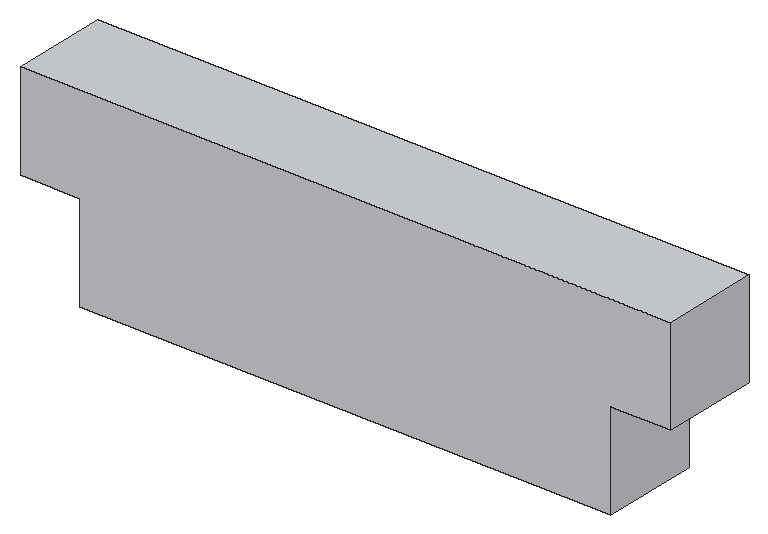
Revit family "Viga Concreto Pre fabricada", category Structural Framing, Revit 2016
Family settings
  Display in Hidden Views = Edges Hidden by Other Members
  Structural Framing Length Roundoff = 0 cm
  Section Shape = Not Defined
  Material for Model Behavior = Concrete
  Always export as geometry = No
  OmniClass Number = 23.25.30.11.14.14
  OmniClass Title = Beams
  Always vertical = Yes
  Cut with Voids When Loaded = No
  Symbolic Representation = From Family
  Shared = No
  Show family pre-cut in plan views = Yes
Parameters (values of type "Viga com encaixe")
  Structural Material [instance] = none
  Recuo Horizontal para apoio = 40 cm
  Raio do pilar [instance] = 15.2686 cm
  Espessura = 40 cm
  Assembly Code = ""
  Length [instance] = 300 cm
  Altura do encaixe = 40 cm
  Altura = 80 cm
Types (4, lengths in cm): name | Structural Material | Recuo Horizontal para apoio | Espessura | Length | Altura do encaixe | Altura
  Viga com encaixe | none | 40 | 40 | 300 | 40 | 80
  28 x 50 | none | 162.84 | 28 | 152.4 | 14.1899 | 50
  14 x 30 | none | 162.84 | 14 | 152.4 | 14.1899 | 30
  300 x 600mm | Concrete - Cast-in-Place Concrete | 40 | 40 | 300 | 20 | 60
Reference planes (cm)
  plane 1 "Center (Front/Back)": y = 0
  plane 2: z = 0
  plane 3 "Center (Left/Right)": x = 49.501
  plane 4 "Member Left": x = -60.499
  plane 5 "Member Right": x = 159.501
  plane 6: y = 20
  plane 7: y = -20
  plane 8: z = 40
  plane 9 "Bottom": z = -40
  plane 10 "Left": x = -100.499
  plane 11 "Right": x = 199.501
  plane 12: x = -85.2304
  plane 13: x = 184.2324
Forms (cm)
  Extrusion 1, solid, material <- "Structural Material"
    sketch origin (0, 0, 0) x (1, 0, 0) y (0, 0, 1)
      loop
        line (-60.499, -40) -> (159.501, -40) -> (159.501, 0) -> (184.2324, 0) -> (184.2324, 40) -> (-85.2304, 40) -> (-85.2304, 0) -> (-60.499, 0) -> (-60.499, -40)
    from -20 to 20
Text (cm)
  text "Desenvolvido por Fernando Goes\n\n@CaradoRevit\n\nfernandogoes@outlook.com" at (-43.4518, -46.3912, -106.9389), in view "Vista 1"
Dimensions and locks (cm)
  "Espessura": plane 6 to plane 7
  equal spacing: plane 9 "Bottom", plane 2, plane 8
  equal spacing: plane 6, plane 1 "Center (Front/Back)", plane 7
  "Altura": plane 9 "Bottom" to plane 8
  "Length": plane 10 "Left" to plane 11 "Right"
  equal spacing: Extrusion 1, Extrusion 1, plane 8
  "Recuo Horizontal para apoio": plane 5 "Member Right" to plane 11 "Right"
  "Espessura": plane 10 "Left" to plane 4 "Member Left"
  equal spacing: plane 11 "Right", plane 3 "Center (Left/Right)", plane 10 "Left"
  "Raio do pilar": plane 13 to plane 11 "Right"
  "Raio do pilar": plane 10 "Left" to plane 12
  aligned and locked: plane 9 "Bottom" to Extrusion 1 sketch curve
  aligned and locked: Extrusion 1 sketch curve to Extrusion 1 sketch curve
  aligned and locked: Extrusion 1 sketch curve to plane 8
  aligned and locked: plane 6 to Extrusion 1
  aligned and locked: Extrusion 1 to plane 7
  aligned and locked: Extrusion 1 to plane 8
  aligned and locked: plane 9 "Bottom" to Extrusion 1
  aligned and locked: plane 4 "Member Left" to Extrusion 1
  aligned and locked: Extrusion 1 to plane 5 "Member Right"
  aligned and locked: Extrusion 1 to plane 13
  aligned and locked: Extrusion 1 to plane 12
Automatic sketch dimensions
  plane 4 "Member Left" to Extrusion 1 sketch curve = 24.7314 cm
  level to Extrusion 1 sketch curve = 0 cm
  Extrusion 1 sketch curve to plane 3 "Center (Left/Right)" = 110 cm
  plane 5 "Member Right" to Extrusion 1 sketch curve = 0 cm
  plane 11 "Right" to Extrusion 1 sketch curve = 15.2686 cm
